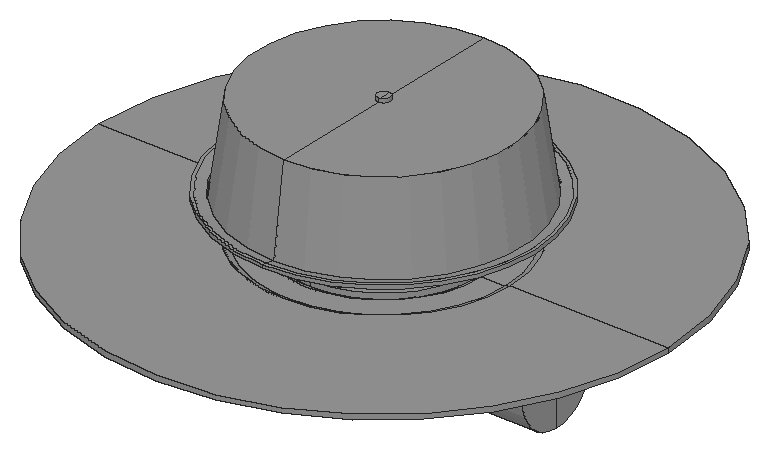
Revit family "HL_RU_Roof drain_HL64HPowerSafe-B-221103", category Instalační zařizovací předměty, Revit 2021
Family settings
  Kóta kulaté spojky = Použít průměr
  Typ dílu = Normální
  Číslo OmniClass = 23.70.50.21.24.14
  Nadpis OmniClass = Deck Waste Water Drains
  Založené na pracovní rovině = Ne
  Vždy vertikální = Ano
  Ořezat dutým tvarem při načtení = Ne
  Sdílené = Ne
  Bod výpočtu místnosti = Ano
Parameters (values of type "HL_Кровельная воронка_HL64HPowerSafe")
  РЕШЁТКА = "Laubfangkorb d 262 mm"
  РАЗМЕР = "DN75"
  ПРОПУСКНАЯ СПОСОБНОСТЬ [instance] = 0.0 L/s
  ПРОИЗВОДИТЕЛЬНОСТЬ = "l/s"
  ПРАВОВАЯ ИНФОРМАЦИЯ = "Авторские права(©), права на дизайн или какие либо другие права интелектуальной собственности являются исключительной собственностью компании HL Hutterer & Lechner. Изменению не подлежит. Файл семейства с данными о прозводителе изделия защищен паролем с водяным знаком."
  НОМИНАЛЬНЫЙ ДИАМЕТР = 75 mm
  МАТЕРИАЛ = "PP"
  ВЫСОТА МОНТАЖА = "93 mm"
  ВЕС = "3,817 [kg]"
  Výchozí výška = 0 mm
  Výrobce = "HL Hutterer & Lechner GmbH"  # constant formula
  URL = "http://www.hutterer-lechner.com/ru/products/catalog/roof-drains/HL64HPowerSafe.aspx"
  Материал плитка [instance] = none
  Přípoj ventilace = no
  Přípoj odpadních dílů = yes
  Přípoj HW = no
  Přípoj CW = no
  Popis = "Кровельные воронки"
  Model = "HL64HPowerSafe"
  Komentáře k typům = "HL64HPowerSafe, Воронка для аварийного водостока с отсекателем воздуха, с горизонтальным выпуском DN75, с полимербитумным полотном, с возможностью регулировки толщины слоя воды."
  Keynote = "HL64HPowerSafe"
  EAN = "9003076040872"
  Bысота монтажа [instance] = 28 mm  # constant formula
  G [instance] = 90.00°  # constant formula
  D [instance] = 150 mm
  C [instance] = if(Bысота монтажа - 68 mm < 0 mm, 0 mm, Bысота монтажа - 68 mm)  # 0 mm
  B [instance] = Bысота монтажа + 60 mm  # 88 mm
  A [instance] = if(B - 100 mm > 15 mm, B - 100 mm, 15 mm)  # 15 mm
Reference planes
  plane 1 "Center (Front/Back)": y = 0
  plane 2: z = 0
  plane 3 "Center (Left/Right)": x = 0
  plane 4: z = -88
  plane 5: z = -28
Lines and regions (mm)
  model lines, style "InvisibleLines"
    curve 1: line (0, 0, 0) -> (0, 0, 20)
  model lines, style "PlumbingFixtures", detail levels coarse+medium
    curve 2: line (0, 0, -88) -> (0, 0, -73)
    curve 3: line (0, 0, -73) -> (-73, 0, 0)
    curve 4: line (0, 0, -73) -> (73, 0, 0)
    curve 6: line (0, 0, -88) -> (150, 0, -88)
  reference lines, not visible
    curve 5: line (0, 0, -88) -> (150, 0, -88)
  symbolic lines, style "PlumbingFixtures", detail levels coarse+medium
    curve 7: line (-75, 75, 0) -> (75, 75, 0)
    curve 8: line (-75, -75, 0) -> (-75, 75, 0)
    curve 9: line (75, -75, 0) -> (-75, -75, 0)
    curve 10: line (75, 75, 0) -> (75, -75, 0)
    curve 11: line (-75, 75, 0) -> (-145.711, 145.711, 0)
    curve 12: line (75, 75, 0) -> (145.711, 145.711, 0)
    curve 13: line (-75, -75, 0) -> (-145.711, -145.711, 0)
    curve 14: line (75, -75, 0) -> (145.711, -145.711, 0)
  symbolic lines, style "PlumbingFixtures", not visible, detail levels coarse+medium
    curve 15: line (-75, 75, 0) -> (75, 75, 0)
    curve 16: line (-75, -75, 0) -> (-75, 75, 0)
    curve 17: line (75, -75, 0) -> (-75, -75, 0)
    curve 18: line (75, 75, 0) -> (75, -75, 0)
    curve 19: line (-75, 75, 0) -> (-145.711, 145.711, 0)
    curve 20: line (75, 75, 0) -> (145.711, 145.711, 0)
    curve 21: line (-75, -75, 0) -> (-145.711, -145.711, 0)
    curve 22: line (75, -75, 0) -> (145.711, -145.711, 0)
Text (mm)
  text "FLOOR" at (-162.344, 0, -10.979), in view "Drain Construction View"
Dimensions and locks
  "B": plane 2 to plane 4
  "Bысота монтажа": plane 2 to plane 5
  "A": curve 4 to plane 4
  "D": curve 5 to curve 5
  "D": curve 6 to curve 6
  locked: curve 4 to plane 3 "Center (Left/Right)" (angle 45.00°)
  locked: plane 3 "Center (Left/Right)" to curve 3 (angle 45.00°)
  "G": angle curve 5 to plane 3 "Center (Left/Right)"
  aligned and locked: level to plane 2
  aligned and locked: plane 2 to curve 4
  aligned and locked: plane 2 to curve 3
  aligned and locked: plane 4 to curve 5
  aligned and locked: plane 3 "Center (Left/Right)" to curve 5
  aligned and locked: plane 4 to curve 2
  aligned and locked: plane 3 "Center (Left/Right)" to curve 6
  aligned and locked: plane 4 to curve 6
  aligned and locked: nested 1 to plane 5  (x2)
  aligned and locked: plane 2 to nested 2
  aligned and locked: plane 3 "Center (Left/Right)" to nested 1
  aligned and locked: plane 3 "Center (Left/Right)" to nested 2
Automatic sketch dimensions
  curve 2 to plane 3 "Center (Left/Right)" = 0 mm
  curve 1 to plane 3 "Center (Left/Right)" = 0 mm
  curve 1 to level = 0 mm
  level to curve 1 = 20 mm
Nested families
  nested 1: "HL_кровельные воронки - корпус_HL64HPowerSafe" at (0, 0, -32.5), type "HL_кровельные воронки - корпус_HL64HPowerSafe"
  nested 2: "HL_Вспомогательные материалы-Противопожарная защита_HL062.1EPowerSafe" at (0, 0, 0), Bысота монтажа <- "Bысота монтажа", type "HL_Вспомогательные материалы-Противопожарная защита_HL062.1EPowerSafe"
    with L2 158 mm, L 49 mm, IHmin 28 mm, IHmax 68 mm, Bысота монтажа 28 mm
Connectors
  piping at (150, 0, -88), diameter 75, driven by "ПРОПУСКНАЯ СПОСОБНОСТЬ", driven by "НОМИНАЛЬНЫЙ ДИАМЕТР"
    settings: on curve 5, index 1, connector inside diameter 609.6 mm, connector length 0 mm, flow factor 0, pipe flow 0.0 L/s, pressure drop 0.0 Pa, fitting loss kfactor 0, connector angle 0.00°, fixture units 0, engagement length 0 mm, angle of deflection 0.00°, flow configuration 1, flow direction 2, fitting loss method 0, system type 16, joint type 0, gender type 0, connector reference index -1, connector utility 0, adjustable connector yes, is connector primary yes, connector description ""
Definition of nested family "HL_кровельные воронки - корпус_HL64HPowerSafe"
  Parameters (values of type "HL_кровельные воронки - корпус_HL64HPowerSafe")
    НОМИНАЛЬНЫЙ ДИАМЕТР = 50 mm
    Default Elevation = 0 mm
    Manufacturer = ""
    URL = ""
    Description = ""
    Model = ""
    Type Comments = ""
    Cost = 0
  Reference planes
    plane 1 "Střed (vpředu/vzadu)": y = 0
    plane 2: z = 0
    plane 3 "Střed (vlevo/vpravo)": x = 0
  Forms (mm)
    Revolve 1, solid, detail levels fine
      sketch origin (0, 0, 0) x (1, 0, 0) y (0, 0, 1)
        loop
          line (-80, -24.473) -> (-80, 0) -> (-180, 0) -> (-180, -3.5) -> (-84.001, -3.5) -> (-84.001, -24.996) -> (-81.32, -35) -> (-67.172, -35) -> (-36.598, -92.5) -> (0, -92.5) -> (0, -31.5) -> (-78.117, -31.5) -> (-80, -24.473)
        axis (0, 0) -> (0, -92.5)
      angle from 0 to 360
    Revolve 2, solid, detail levels fine
      sketch origin (0, 0, 0) x (1, 0, 0) y (0, 0, 1)
        loop
          line (150, -55) -> (0, -55) -> (0, -92.5) -> (150, -92.5) -> (150, -55)
        axis (150, -55) -> (0, -55)
      angle from 0 to 360
    Extrusion 3, void
      sketch origin (0, 0, 0) x (1, 0, 0) y (0, 1, 0)
        loop
          circle (0, 0) r 81
      from -35 to 100
    Revolve 4, solid, detail levels fine
      sketch origin (0, 0, 0) x (1, 0, 0) y (0, 0, 1)
        loop
          line (-110.577, 4.5) -> (-247.5, 4.5) -> (-247.5, 0) -> (-80, 0) -> (-85.398, 2.301) -> (-105.398, 2.301) -> (-110.577, 4.5)
        axis (0, 4.5) -> (0, 0)
      angle from 0 to 360
  Cuts and joins
    Extrusion 3 cuts Revolve 2
  Dimensions and locks
    aligned and locked: level to plane 2
Definition of nested family "HL_Вспомогательные материалы-Противопожарная защита_HL062.1EPowerSafe"
  Parameters (values of type "HL_Вспомогательные материалы-Противопожарная защита_HL062.1EPowerSafe")
    РЕШЁТКА = "Laubfangkorb d 262 mm"
    ПРАВОВАЯ ИНФОРМАЦИЯ = "Авторские права(©), права на дизайн или какие либо другие права интелектуальной собственности являются исключительной собственностью компании HL Hutterer & Lechner. Изменению не подлежит. Файл семейства с данными о прозводителе изделия защищен паролем с водяным знаком."
    МАТЕРИАЛ = "PP"
    ВЕС = "1,289 [kg]"
    Default Elevation = 0 mm
    Manufacturer = "HL Hutterer & Lechner GmbH"
    URL = "http://www.hutterer-lechner.com/ru/products/catalog/roof-drains/HL062.1EPowersafe.aspx"
    Материал плитка = none
    Description = "Кровельные воронки"
    Model = "HL062.1EPowerSafe"
    L2 [instance] = 158 mm
    L [instance] = if(Bысота монтажа < IHmin, -100 mm, if(Bысота монтажа > IHmax, -100 mm, Bысота монтажа + 21 mm))  # 49 mm
    Type Comments = "HL062.1EPowerSafe, Вставка в воронку для аварийного водоотведения"
    Keynote = "HL062.1EPowerSafe"
    Bысота монтажа [instance] = 28 mm
    IHmin [instance] = 28 mm
    IHmax [instance] = 68 mm
    EAN = "9003076040568"
    Cost = 0
  Reference planes
    plane 1 "Střed (vpředu/vzadu)": y = 0
    plane 2: z = 0
    plane 3 "Střed (vlevo/vpravo)": x = 0
  Forms (mm)
    Revolve 1, solid, detail levels fine
      sketch origin (0, 0, 0) x (0, 1, 0) y (0, 0, 1)
        loop
          line (0, -66.5) -> (62.442, -66.5) -> (64.508, -64.434) -> (64.508, -0.792) -> (68.942, 3.642) -> (119.719, 3.642) -> (108.539, 78.674) -> (5.325, 78.674) -> (5.325, 81.183) -> (0, 81.183) -> (0, -66.5)
        axis (0, 81.183) -> (0, -66.5)
      angle from 0 to 360
    Revolve 2, solid, detail levels fine
      sketch origin (0, 68.849, -57.5) x (0, -1, 0) y (0, 0, -1)
        loop
          line (4.265, -44.566) -> (4.265, 0) -> (0, 0) -> (0, -3.5) -> (-5.643, -3.5) -> (-10.659, -10.663) -> (-10.659, -29.5) -> (-0.659, -29.5) -> (-0.659, -44.566) -> (4.265, -44.566)
        axis (68.849, -44.566) -> (68.849, 0)
      angle from 0 to 360
    Revolve 3, solid, detail levels fine
      sketch origin (0, 0, 0) x (0, 1, 0) y (0, 0, 1)
        loop
          line (64.584, -4.434) -> (65.451, -4.434) -> (69.885, 0) -> (124.039, 0) -> (124.771, 2.936) -> (131.655, 4.399) -> (131.655, 7.41) -> (129.286, 7.41) -> (120.568, 5.557) -> (120.568, 3.642) -> (69.732, 3.642) -> (64.584, -0.993) -> (64.584, -4.434)
        axis (0, 7.41) -> (0, -4.434)
      angle from 0 to 360
  Lines and regions (mm)
    reference lines
      curve 1: line (0, 68.849, -49) -> (0, -216.151, -49)
  Dimensions and locks
    "L": curve 1 to plane 2
    aligned and locked: level to plane 2
  Automatic sketch dimensions
    Revolve 2 sketch curve to curve 1 = 8.5 mm
    Revolve 2 sketch curve to curve 1 = 0 mm
    curve 1 to Revolve 2 sketch curve = 5 mm
    Revolve 2 sketch curve to curve 1 = 0.659 mm
    Revolve 2 sketch curve to curve 1 = 5.643 mm
    Revolve 2 sketch curve to Revolve 2 sketch curve = 5.016 mm
    curve 1 to Revolve 2 sketch curve = 4.265 mm
    Revolve 2 sketch curve to Revolve 2 sketch curve = 7.163 mm
    Revolve 2 sketch curve to curve 1 = 21 mm
    Revolve 2 sketch curve to curve 1 = 36.066 mm
    curve 1 to Revolve 2 sketch curve = 68.849 mm
    Revolve 2 sketch curve to curve 1 = 340.5 mm
    curve 1 to Revolve 2 sketch curve = 259.5 mm
    Revolve 1 sketch curve to plane 1 "Střed (vpředu/vzadu)" = 0 mm  (x2)
    Revolve 1 sketch curve to plane 1 "Střed (vpředu/vzadu)" = 5.325 mm
    Revolve 1 sketch curve to plane 1 "Střed (vpředu/vzadu)" = 62.442 mm
    Revolve 1 sketch curve to level = 0.792 mm
    Revolve 1 sketch curve to plane 1 "Střed (vpředu/vzadu)" = 64.508 mm
    Revolve 1 sketch curve to Revolve 1 sketch curve = 4.434 mm
    Revolve 1 sketch curve to Revolve 1 sketch curve = 39.597 mm
    Revolve 1 sketch curve to Revolve 1 sketch curve = 63.642 mm
    Revolve 1 sketch curve to Revolve 1 sketch curve = 2.066 mm
    level to Revolve 1 sketch curve = 78.674 mm
    Revolve 1 sketch curve to Revolve 1 sketch curve = 2.51 mm
    Revolve 1 sketch curve to Revolve 1 sketch curve = 50.777 mm
    level to Revolve 1 sketch curve = 3.642 mm
    Revolve 1 sketch curve to Revolve 1 sketch curve = 10 mm
    Revolve 1 sketch curve to Revolve 1 sketch curve = 25 mm
    level to Revolve 3 sketch curve = 0 mm
    Revolve 3 sketch curve to level = 4.434 mm
    Revolve 3 sketch curve to plane 1 "Střed (vpředu/vzadu)" = 65.451 mm
    level to Revolve 3 sketch curve = 3.642 mm
    Revolve 3 sketch curve to Revolve 3 sketch curve = 4.28 mm
    Revolve 3 sketch curve to Revolve 3 sketch curve = 0.154 mm
    level to Revolve 3 sketch curve = 5.557 mm
    Revolve 3 sketch curve to Revolve 3 sketch curve = 50.836 mm
    Revolve 3 sketch curve to Revolve 3 sketch curve = 3.471 mm
    level to Revolve 3 sketch curve = 2.936 mm
    Revolve 3 sketch curve to Revolve 3 sketch curve = 0.732 mm
    level to Revolve 3 sketch curve = 7.41 mm
    Revolve 3 sketch curve to Revolve 3 sketch curve = 4.515 mm
    Revolve 3 sketch curve to Revolve 3 sketch curve = 2.369 mm
    Revolve 3 sketch curve to Revolve 3 sketch curve = 3.011 mm
    Revolve 3 sketch curve to Revolve 3 sketch curve = 0.867 mm
    Revolve 3 sketch curve to level = 0.993 mm
    plane 1 "Střed (vpředu/vzadu)" to curve 1 = 216.151 mm
    curve 1 to plane 1 "Střed (vpředu/vzadu)" = 68.849 mm
